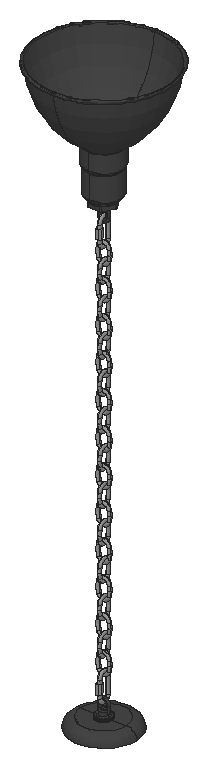
Revit family "BLE-CN-DBW-E26", category Lighting Fixtures, host Face, Revit 2022
Family settings
  Host = Face
  Round Connector Dimension = Use Diameter
  Part Type = Normal
  Cut with Voids When Loaded = No
  Light Source = Yes
  Maintain Annotation Orientation = No
  Shared = No
  Room Calculation Point = No
Parameters (values of type "10"")
  Wattage = 5.72229 W
  built-in parameter 1150110 = 1 (stored number, unit not read)
  built-in parameter 1114217 = 1 (stored number, unit not read)
  Tilt Angle = 0.00°
  built-in parameter 1150109 = 1 (stored number, unit not read)
  built-in parameter 1150134 = (empty or 0)
  built-in parameter 1150113 = 1 (stored number, unit not read)
  Photometric Web File = "generic"
  built-in parameter 1150142 = (empty or 0)
  built-in parameter 1150105 = 67.641 (stored number, unit not read)
  Lumens = 850 lm
  built-in parameter 1150115 = 1 (stored number, unit not read)
  Link Number = (Chain Drop Length - 0' 8") / 0' 2 37/64"  # 11
  Light Source = 0' - 4 3/4"
  built-in parameter 1150137 = (empty or 0)
  built-in parameter 1150139 = (empty or 0)
  built-in parameter 1150112 = 1 (stored number, unit not read)
  built-in parameter 1150114 = 1 (stored number, unit not read)
  built-in parameter 1150132 = 2
  built-in parameter 1150102 = (empty or 0)
  built-in parameter 1150107 = 3000 (stored number, unit not read)
  built-in parameter 1150138 = (empty or 0)
  built-in parameter 1150106 = 0.67641 (stored number, unit not read)
  Emit from Line Length = 2' - 0"
  built-in parameter 1150104 = 13.8 (stored number, unit not read)
  Dimming Lamp Color Temperature Shift = <None>
  Color Filter = 16777215
  Chain Material = Copper
  Shade Material = 100 - Black
  Default Elevation = 4' - 0"
  Chain Drop Length = 3' - 0"
  Base Material = 100 - Black
  built-in parameter 1114218 = 1 (stored number, unit not read)
  built-in parameter 1150133 = 10 (stored number, unit not read)
  Actual Chain Drop = round(Chain Drop Length / 0' 2 9/16") * 0' 2 9/16"  # 2' - 11 7/8"
  24" = no
  20" = no
  16" = no
  14" = no
  12" = no
  10" = yes
Reference planes (in)
  plane 1 "Center (Front/Back)": y = 0
  plane 2: z = 0
  plane 3 "Center (Left/Right)": x = 0
Lines and regions (in)
  reference lines
    curve 1: line (0, 37, 0) -> (0, -38, 0)
    curve 2: line (-36, 0, 0) -> (32, 0, 0)
    curve 3: line (0, 1.00135, 35.875) -> (0, -5.24865, 35.875)
    curve 4: line (0, 1.00135, 34.00663) -> (0, -0.99865, 34.00663)
    curve 5: line (0, 1.00135, 32.50663) -> (0, -1.37036, 32.50663)
Dimensions and locks (in)
  equal spacing: group 1, group 2, group 3, group 4, group 5, group 6, group 7, group 8, group 9, group 10, group 11  (x3)
  "Actual Chain Drop": host face to curve 3
  locked: curve 5 to curve 4 at 1.5
  "Light Source": curve 3 to imposter light
  aligned and locked: plane 2 to host face
  aligned and locked: level to host face
  aligned and locked: plane 3 "Center (Left/Right)" to nested 1
  aligned and locked: plane 1 "Center (Front/Back)" to nested 1
  aligned and locked: plane 3 "Center (Left/Right)" to nested 2
  aligned and locked: nested 2 to plane 1 "Center (Front/Back)"
  aligned and locked: nested 3 to plane 1 "Center (Front/Back)"
  aligned and locked: nested 3 to plane 3 "Center (Left/Right)"
  aligned and locked: plane 3 "Center (Left/Right)" to nested 4
  aligned and locked: plane 1 "Center (Front/Back)" to nested 5
  aligned and locked: plane 1 "Center (Front/Back)" to nested 6
  aligned and locked: nested 5 to plane 3 "Center (Left/Right)"
  aligned and locked: nested 6 to plane 3 "Center (Left/Right)"
  aligned and locked: plane 1 "Center (Front/Back)" to nested 7
  aligned and locked: plane 3 "Center (Left/Right)" to nested 7
  aligned and locked: nested 8 to plane 3 "Center (Left/Right)"
  aligned and locked: plane 1 "Center (Front/Back)" to nested 8
  aligned and locked: plane 1 "Center (Front/Back)" to nested 9
  aligned and locked: plane 3 "Center (Left/Right)" to nested 9
  aligned and locked: plane 1 "Center (Front/Back)" to curve 2
  aligned and locked: curve 1 to plane 3 "Center (Left/Right)"
  aligned and locked: imposter light to plane 1 "Center (Front/Back)"
  aligned and locked: plane 3 "Center (Left/Right)" to imposter light
  aligned and locked: nested 5 to curve 4
  aligned and locked: nested 9 to curve 5
  aligned and locked: imposter light to nested 4
  aligned and locked: nested 20 to imposter light
  aligned and locked: nested 33 to imposter light  (x2)
Automatic sketch dimensions
  host sketch curve to host sketch curve = 8' - 0"  (x2)
  curve 2 to plane 3 "Center (Left/Right)" = 3' - 0"
  plane 3 "Center (Left/Right)" to curve 2 = 2' - 8"
  plane 1 "Center (Front/Back)" to curve 1 = 3' - 2"
  curve 1 to plane 1 "Center (Front/Back)" = 3' - 1"
  plane 1 "Center (Front/Back)" to curve 3 = 0' - 5.24865"
  plane 1 "Center (Front/Back)" to curve 5 = 0' - 1.37036"
  plane 1 "Center (Front/Back)" to curve 4 = 0' - 0.99865"
  curve 5 to plane 1 "Center (Front/Back)" = 0' - 1.00135"
  curve 4 to plane 1 "Center (Front/Back)" = 0' - 1.00135"
  curve 3 to plane 1 "Center (Front/Back)" = 0' - 1.00135"
  curve 4 to curve 3 = 0' - 1.86837"
Nested families (in)
  nested 1: "CAN-2501" at (0, 0, 0), type "CAN-2501"
  nested 2: "LOP-7525-A" at (0, 0, 0.75) x (0, 1, 0) z (0, 0, 1), type "BUS-2501"
    with Default Elevation 2' - 0"
  nested 3: "LOP-7525-B" at (0, 0, 0.875) x (-1, 0, 0) z (0, 0, 1), type "LOP-7525-B"
  nested 4: "LOP-7525-B" at (0, 0, 35.875) x (1, 0, 0) z (0, 0, -1), type "LOP-7525-B"
  nested 5: "SUP-0004 Adaptive" at (0, 0, 34.00663) x (0, -1, 0) z (0, 0, 1), type "SUP-0004 Adaptive"
  nested 6: "SUP-0004 Adaptive" at (0, 0, 2.85593) x (0, -1, 0) z (0, 0, 1), type "SUP-0004 Adaptive"
  nested 7: "SCCL Adaptive" at (0, 0, 4.43103), type "SCCL Adaptive"
  nested 8: "SCCL Adaptive" at (0, 0, 5.71123) x (0, -1, 0) z (0, 0, 1), type "SCCL Adaptive"
  nested 9: "SCCL Adaptive" at (0, 0, 32.50663), type "SCCL Adaptive"
  nested 10: "SCCL Adaptive" at (0, 0, 6.98805), type "SCCL Adaptive"
  nested 11: "SCCL Adaptive" at (0, 0, 8.26825) x (0, -1, 0) z (0, 0, 1), type "SCCL Adaptive"
  nested 12: "SCCL Adaptive" at (0, 0, 9.54507), type "SCCL Adaptive"
  nested 13: "SCCL Adaptive" at (0, 0, 10.82527) x (0, -1, 0) z (0, 0, 1), type "SCCL Adaptive"
  nested 14: "SCCL Adaptive" at (0, 0, 12.10209), type "SCCL Adaptive"
  nested 15: "SCCL Adaptive" at (0, 0, 13.38229) x (0, -1, 0) z (0, 0, 1), type "SCCL Adaptive"
  nested 16: "SCCL Adaptive" at (0, 0, 14.65911), type "SCCL Adaptive"
  nested 17: "SCCL Adaptive" at (0, 0, 15.93931) x (0, -1, 0) z (0, 0, 1), type "SCCL Adaptive"
  nested 18: "SCCL Adaptive" at (0, 0, 17.21613), type "SCCL Adaptive"
  nested 19: "SCCL Adaptive" at (0, 0, 18.49633) x (0, -1, 0) z (0, 0, 1), type "SCCL Adaptive"
  nested 20: "CPL-0004" at (0, -0.03668, 35.875) x (-1, 0, 0) z (0, 0, 1), type "CPL-0004"
  nested 21: "E26 Socket Assy" at (0, -0.03668, 36.56424) x (0, 1, 0) z (0, 0, 1), type "E26 Socket Assy"
  nested 22: "E26 Bulb" at (0, -0.07062, 38.81923) x (-1, 0, 0) z (0, 0, 1), type "E26 Bulb"
  nested 23: "SCCL Adaptive" at (0, 0, 19.77315), type "SCCL Adaptive"
  nested 24: "SCCL Adaptive" at (0, 0, 21.05335) x (0, -1, 0) z (0, 0, 1), type "SCCL Adaptive"
  nested 25: "SCCL Adaptive" at (0, 0, 22.33017), type "SCCL Adaptive"
  nested 26: "SCCL Adaptive" at (0, 0, 23.61037) x (0, -1, 0) z (0, 0, 1), type "SCCL Adaptive"
  nested 27: "SCCL Adaptive" at (0, 0, 24.88719), type "SCCL Adaptive"
  nested 28: "SCCL Adaptive" at (0, 0, 26.16739) x (0, -1, 0) z (0, 0, 1), type "SCCL Adaptive"
  nested 29: "SCCL Adaptive" at (0, 0, 27.44421), type "SCCL Adaptive"
  nested 30: "SCCL Adaptive" at (0, 0, 28.72441) x (0, -1, 0) z (0, 0, 1), type "SCCL Adaptive"
  nested 31: "SCCL Adaptive" at (0, 0, 30.00123), type "SCCL Adaptive"
  nested 32: "SCCL Adaptive" at (0, 0, 31.28143) x (0, -1, 0) z (0, 0, 1), type "SCCL Adaptive"
  nested 33: "DBW Shade" at (0, 0, 36.52518) x (0, -1, 0) z (0, 0, 1), type "DBW Shade"
    with 24" no, 20" no, 16" no, 14" no, 12" no
Connectors (in)
  electrical at (0, 0, 0)
    settings: index 1, voltage 0 V, apparent load 0 VA, apparent load phase1 0 VA, apparent load phase2 0 VA, apparent load phase3 0 VA, power factor 1, load classification "Other", number of poles 1, system type 31, power factor state 1, is connector primary yes, connector utility no, sub classification motor no, connector description ""
Definition of nested family "CAN-2501"
  Parameters (values of type "Base")
    Default Elevation = 3' - 0"
    Base Material = none
  Reference planes (in)
    plane 1 "Center (Front/Back)": y = 0
    plane 2: z = 0
    plane 3 "Center (Left/Right)": x = 0
    plane 4 "Base Dia": x = -2.5
    plane 5 "Base Height": z = 0.75
  Forms (in)
    Extrusion 1, solid
      sketch origin (0, 0, 0) x (1, 0, 0) y (0, 1, 0)
        loop
          line (-48, 48) -> (-48, -48) -> (48, -48) -> (48, 48) -> (-48, 48)
      from 0 to -12
    Revolve 2, solid, material <- "Base Material"
      sketch origin (0, 0, 0) x (1, 0, 0) y (0, 0, 1)
        loop
          line (0, 0) -> (0, 0.75) -> (-1.75, 0.75)
          arc (-1.75, 0.75) -> (-2.28033, 0.53033) -> (-2.5, 0) r 0.75
          line (-2.5, 0) -> (0, 0)
        axis (0, 0) -> (0, 0.75)
      angle from 0 to 360
  Dimensions and locks (in)
    plane 4 "Base Dia" to plane 3 "Center (Left/Right)" = 0' - 2 1/2"
    locked: plane 5 "Base Height" to Extrusion 1 at 0.75
    locked: plane 3 "Center (Left/Right)" to plane 4 "Base Dia" at 2.5
    aligned and locked: plane 2 to Extrusion 1
    aligned and locked: level to Extrusion 1
    aligned and locked: plane 3 "Center (Left/Right)" to Revolve 2 sketch curve
    aligned and locked: Revolve 2 sketch curve to plane 5 "Base Height"
    aligned and locked: plane 4 "Base Dia" to Revolve 2 sketch curve
  Automatic sketch dimensions
    Extrusion 1 sketch curve to Extrusion 1 sketch curve = 8' - 0"  (x2)
    Revolve 2 sketch curve to level = 0' - 0"  (x2)
    Revolve 2 sketch curve to plane 3 "Center (Left/Right)" = 0' - 0"
    Revolve 2 sketch curve to Revolve 2 sketch curve = 0' - 0 1/4"
    plane 5 "Base Height" to Revolve 2 sketch curve = 0' - 3.31619"
Definition of nested family "LOP-7525-A"
  Parameters (values of type "LOP-7525-A")
    Default Elevation = 3' - 0"
    Base Material = none
  Reference planes (in)
    plane 1 "Center (Front/Back)": y = 0
    plane 2: z = 0
    plane 3 "Center (Left/Right)": x = 0
    plane 4: x = -0.625
    plane 5: z = 0.125
  Forms (in)
    Extrusion 1, solid
      sketch origin (0, 0, 0) x (1, 0, 0) y (0, 1, 0)
        loop
          line (-48, 48) -> (-48, -48) -> (48, -48) -> (48, 48) -> (-48, 48)
      from 0 to -12
    Revolve 2, solid, material <- "Base Material"
      sketch origin (0, 0, 0) x (1, 0, 0) y (0, 0, 1)
        loop
          line (0, 0.125) -> (-0.625, 0.125) -> (-0.625, 0) -> (0, 0) -> (0, 0.125)
        axis (0, 0.125) -> (0, 0)
      angle from 0 to 360
    Extrusion 3, void
      sketch origin (0, 0, 0) x (1, 0, 0) y (0, 1, 0)
        loop
          line (0, 0.6092) -> (0.0358, 0.645) -> (-0.0358, 0.645) -> (0, 0.6092)
      from 0 to 0.125
    Extrusion 4, void
      sketch origin (0, 0, 0) x (0.995974, -0.089639, 0) y (0.089639, 0.995974, 0)
        loop
          line (0, 0.6092) -> (0.0358, 0.645) -> (-0.0358, 0.645) -> (0, 0.6092)
      from 0 to 0.125
    Extrusion 5, void
      sketch origin (0, 0, 0) x (0.98393, -0.178557, 0) y (0.178557, 0.98393, 0)
        loop
          line (0, 0.6092) -> (0.0358, 0.645) -> (-0.0358, 0.645) -> (0, 0.6092)
      from 0 to 0.125
    Extrusion 6, void
      sketch origin (0, 0, 0) x (0.963963, -0.266037, 0) y (0.266037, 0.963963, 0)
        loop
          line (0, 0.6092) -> (0.0358, 0.645) -> (-0.0358, 0.645) -> (0, 0.6092)
      from 0 to 0.125
    Extrusion 7, void
      sketch origin (0, 0, 0) x (0.936235, -0.351375, 0) y (0.351375, 0.936235, 0)
        loop
          line (0, 0.6092) -> (0.0358, 0.645) -> (-0.0358, 0.645) -> (0, 0.6092)
      from 0 to 0.125
    Extrusion 8, void
      sketch origin (0, 0, 0) x (0.900969, -0.433884, 0) y (0.433884, 0.900969, 0)
        loop
          line (0, 0.6092) -> (0.0358, 0.645) -> (-0.0358, 0.645) -> (0, 0.6092)
      from 0 to 0.125
    Extrusion 9, void
      sketch origin (0, 0, 0) x (0.858449, -0.512899, 0) y (0.512899, 0.858449, 0)
        loop
          line (0, 0.6092) -> (0.0358, 0.645) -> (-0.0358, 0.645) -> (0, 0.6092)
      from 0 to 0.125
    Extrusion 10, void
      sketch origin (0, 0, 0) x (0.809017, -0.587785, 0) y (0.587785, 0.809017, 0)
        loop
          line (0, 0.6092) -> (0.0358, 0.645) -> (-0.0358, 0.645) -> (0, 0.6092)
      from 0 to 0.125
    Extrusion 11, void
      sketch origin (0, 0, 0) x (0.753071, -0.657939, 0) y (0.657939, 0.753071, 0)
        loop
          line (0, 0.6092) -> (0.0358, 0.645) -> (-0.0358, 0.645) -> (0, 0.6092)
      from 0 to 0.125
    Extrusion 12, void
      sketch origin (0, 0, 0) x (0.691063, -0.722795, 0) y (0.722795, 0.691063, 0)
        loop
          line (0, 0.6092) -> (0.0358, 0.645) -> (-0.0358, 0.645) -> (0, 0.6092)
      from 0 to 0.125
    Extrusion 13, void
      sketch origin (0, 0, 0) x (0.62349, -0.781831, 0) y (0.781831, 0.62349, 0)
        loop
          line (0, 0.6092) -> (0.0358, 0.645) -> (-0.0358, 0.645) -> (0, 0.6092)
      from 0 to 0.125
    Extrusion 14, void
      sketch origin (0, 0, 0) x (0.550897, -0.834573, 0) y (0.834573, 0.550897, 0)
        loop
          line (0, 0.6092) -> (0.0358, 0.645) -> (-0.0358, 0.645) -> (0, 0.6092)
      from 0 to 0.125
    Extrusion 15, void
      sketch origin (0, 0, 0) x (0.473869, -0.880596, 0) y (0.880596, 0.473869, 0)
        loop
          line (0, 0.6092) -> (0.0358, 0.645) -> (-0.0358, 0.645) -> (0, 0.6092)
      from 0 to 0.125
    Extrusion 16, void
      sketch origin (0, 0, 0) x (0.393025, -0.919528, 0) y (0.919528, 0.393025, 0)
        loop
          line (0, 0.6092) -> (0.0358, 0.645) -> (-0.0358, 0.645) -> (0, 0.6092)
      from 0 to 0.125
    Extrusion 17, void
      sketch origin (0, 0, 0) x (0.309017, -0.951057, 0) y (0.951057, 0.309017, 0)
        loop
          line (0, 0.6092) -> (0.0358, 0.645) -> (-0.0358, 0.645) -> (0, 0.6092)
      from 0 to 0.125
    Extrusion 18, void
      sketch origin (0, 0, 0) x (0.222521, -0.974928, 0) y (0.974928, 0.222521, 0)
        loop
          line (0, 0.6092) -> (0.0358, 0.645) -> (-0.0358, 0.645) -> (0, 0.6092)
      from 0 to 0.125
    Extrusion 19, void
      sketch origin (0, 0, 0) x (0.134233, -0.99095, 0) y (0.99095, 0.134233, 0)
        loop
          line (0, 0.6092) -> (0.0358, 0.645) -> (-0.0358, 0.645) -> (0, 0.6092)
      from 0 to 0.125
    Extrusion 20, void
      sketch origin (0, 0, 0) x (0.044865, -0.998993, 0) y (0.998993, 0.044865, 0)
        loop
          line (0, 0.6092) -> (0.0358, 0.645) -> (-0.0358, 0.645) -> (0, 0.6092)
      from 0 to 0.125
    Extrusion 21, void
      sketch origin (0, 0, 0) x (-0.044865, -0.998993, 0) y (0.998993, -0.044865, 0)
        loop
          line (0, 0.6092) -> (0.0358, 0.645) -> (-0.0358, 0.645) -> (0, 0.6092)
      from 0 to 0.125
    Extrusion 22, void
      sketch origin (0, 0, 0) x (-0.134233, -0.99095, 0) y (0.99095, -0.134233, 0)
        loop
          line (0, 0.6092) -> (0.0358, 0.645) -> (-0.0358, 0.645) -> (0, 0.6092)
      from 0 to 0.125
    Extrusion 23, void
      sketch origin (0, 0, 0) x (-0.222521, -0.974928, 0) y (0.974928, -0.222521, 0)
        loop
          line (0, 0.6092) -> (0.0358, 0.645) -> (-0.0358, 0.645) -> (0, 0.6092)
      from 0 to 0.125
    Extrusion 24, void
      sketch origin (0, 0, 0) x (-0.309017, -0.951057, 0) y (0.951057, -0.309017, 0)
        loop
          line (0, 0.6092) -> (0.0358, 0.645) -> (-0.0358, 0.645) -> (0, 0.6092)
      from 0 to 0.125
    Extrusion 25, void
      sketch origin (0, 0, 0) x (-0.393025, -0.919528, 0) y (0.919528, -0.393025, 0)
        loop
          line (0, 0.6092) -> (0.0358, 0.645) -> (-0.0358, 0.645) -> (0, 0.6092)
      from 0 to 0.125
    Extrusion 26, void
      sketch origin (0, 0, 0) x (-0.473869, -0.880596, 0) y (0.880596, -0.473869, 0)
        loop
          line (0, 0.6092) -> (0.0358, 0.645) -> (-0.0358, 0.645) -> (0, 0.6092)
      from 0 to 0.125
    Extrusion 27, void
      sketch origin (0, 0, 0) x (-0.550897, -0.834573, 0) y (0.834573, -0.550897, 0)
        loop
          line (0, 0.6092) -> (0.0358, 0.645) -> (-0.0358, 0.645) -> (0, 0.6092)
      from 0 to 0.125
    Extrusion 28, void
      sketch origin (0, 0, 0) x (-0.62349, -0.781831, 0) y (0.781831, -0.62349, 0)
        loop
          line (0, 0.6092) -> (0.0358, 0.645) -> (-0.0358, 0.645) -> (0, 0.6092)
      from 0 to 0.125
    Extrusion 29, void
      sketch origin (0, 0, 0) x (-0.691063, -0.722795, 0) y (0.722795, -0.691063, 0)
        loop
          line (0, 0.6092) -> (0.0358, 0.645) -> (-0.0358, 0.645) -> (0, 0.6092)
      from 0 to 0.125
    Extrusion 30, void
      sketch origin (0, 0, 0) x (-0.753071, -0.657939, 0) y (0.657939, -0.753071, 0)
        loop
          line (0, 0.6092) -> (0.0358, 0.645) -> (-0.0358, 0.645) -> (0, 0.6092)
      from 0 to 0.125
    Extrusion 31, void
      sketch origin (0, 0, 0) x (-0.809017, -0.587785, 0) y (0.587785, -0.809017, 0)
        loop
          line (0, 0.6092) -> (0.0358, 0.645) -> (-0.0358, 0.645) -> (0, 0.6092)
      from 0 to 0.125
    Extrusion 32, void
      sketch origin (0, 0, 0) x (-0.858449, -0.512899, 0) y (0.512899, -0.858449, 0)
        loop
          line (0, 0.6092) -> (0.0358, 0.645) -> (-0.0358, 0.645) -> (0, 0.6092)
      from 0 to 0.125
    Extrusion 33, void
      sketch origin (0, 0, 0) x (-0.900969, -0.433884, 0) y (0.433884, -0.900969, 0)
        loop
          line (0, 0.6092) -> (0.0358, 0.645) -> (-0.0358, 0.645) -> (0, 0.6092)
      from 0 to 0.125
    Extrusion 34, void
      sketch origin (0, 0, 0) x (-0.936235, -0.351375, 0) y (0.351375, -0.936235, 0)
        loop
          line (0, 0.6092) -> (0.0358, 0.645) -> (-0.0358, 0.645) -> (0, 0.6092)
      from 0 to 0.125
    Extrusion 35, void
      sketch origin (0, 0, 0) x (-0.963963, -0.266037, 0) y (0.266037, -0.963963, 0)
        loop
          line (0, 0.6092) -> (0.0358, 0.645) -> (-0.0358, 0.645) -> (0, 0.6092)
      from 0 to 0.125
    Extrusion 36, void
      sketch origin (0, 0, 0) x (-0.98393, -0.178557, 0) y (0.178557, -0.98393, 0)
        loop
          line (0, 0.6092) -> (0.0358, 0.645) -> (-0.0358, 0.645) -> (0, 0.6092)
      from 0 to 0.125
    Extrusion 37, void
      sketch origin (0, 0, 0) x (-0.995974, -0.089639, 0) y (0.089639, -0.995974, 0)
        loop
          line (0, 0.6092) -> (0.0358, 0.645) -> (-0.0358, 0.645) -> (0, 0.6092)
      from 0 to 0.125
    Extrusion 38, void
      sketch origin (0, 0, 0) x (-1, 0, 0) y (0, -1, 0)
        loop
          line (0, 0.6092) -> (0.0358, 0.645) -> (-0.0358, 0.645) -> (0, 0.6092)
      from 0 to 0.125
    Extrusion 39, void
      sketch origin (0, 0, 0) x (-0.995974, 0.089639, 0) y (-0.089639, -0.995974, 0)
        loop
          line (0, 0.6092) -> (0.0358, 0.645) -> (-0.0358, 0.645) -> (0, 0.6092)
      from 0 to 0.125
    Extrusion 40, void
      sketch origin (0, 0, 0) x (-0.98393, 0.178557, 0) y (-0.178557, -0.98393, 0)
        loop
          line (0, 0.6092) -> (0.0358, 0.645) -> (-0.0358, 0.645) -> (0, 0.6092)
      from 0 to 0.125
    Extrusion 41, void
      sketch origin (0, 0, 0) x (-0.963963, 0.266037, 0) y (-0.266037, -0.963963, 0)
        loop
          line (0, 0.6092) -> (0.0358, 0.645) -> (-0.0358, 0.645) -> (0, 0.6092)
      from 0 to 0.125
    Extrusion 42, void
      sketch origin (0, 0, 0) x (-0.936235, 0.351375, 0) y (-0.351375, -0.936235, 0)
        loop
          line (0, 0.6092) -> (0.0358, 0.645) -> (-0.0358, 0.645) -> (0, 0.6092)
      from 0 to 0.125
    Extrusion 43, void
      sketch origin (0, 0, 0) x (-0.900969, 0.433884, 0) y (-0.433884, -0.900969, 0)
        loop
          line (0, 0.6092) -> (0.0358, 0.645) -> (-0.0358, 0.645) -> (0, 0.6092)
      from 0 to 0.125
    Extrusion 44, void
      sketch origin (0, 0, 0) x (-0.858449, 0.512899, 0) y (-0.512899, -0.858449, 0)
        loop
          line (0, 0.6092) -> (0.0358, 0.645) -> (-0.0358, 0.645) -> (0, 0.6092)
      from 0 to 0.125
    Extrusion 45, void
      sketch origin (0, 0, 0) x (-0.809017, 0.587785, 0) y (-0.587785, -0.809017, 0)
        loop
          line (0, 0.6092) -> (0.0358, 0.645) -> (-0.0358, 0.645) -> (0, 0.6092)
      from 0 to 0.125
    Extrusion 46, void
      sketch origin (0, 0, 0) x (-0.753071, 0.657939, 0) y (-0.657939, -0.753071, 0)
        loop
          line (0, 0.6092) -> (0.0358, 0.645) -> (-0.0358, 0.645) -> (0, 0.6092)
      from 0 to 0.125
    Extrusion 47, void
      sketch origin (0, 0, 0) x (-0.691063, 0.722795, 0) y (-0.722795, -0.691063, 0)
        loop
          line (0, 0.6092) -> (0.0358, 0.645) -> (-0.0358, 0.645) -> (0, 0.6092)
      from 0 to 0.125
    Extrusion 48, void
      sketch origin (0, 0, 0) x (-0.62349, 0.781831, 0) y (-0.781831, -0.62349, 0)
        loop
          line (0, 0.6092) -> (0.0358, 0.645) -> (-0.0358, 0.645) -> (0, 0.6092)
      from 0 to 0.125
    Extrusion 49, void
      sketch origin (0, 0, 0) x (-0.550897, 0.834573, 0) y (-0.834573, -0.550897, 0)
        loop
          line (0, 0.6092) -> (0.0358, 0.645) -> (-0.0358, 0.645) -> (0, 0.6092)
      from 0 to 0.125
    Extrusion 50, void
      sketch origin (0, 0, 0) x (-0.473869, 0.880596, 0) y (-0.880596, -0.473869, 0)
        loop
          line (0, 0.6092) -> (0.0358, 0.645) -> (-0.0358, 0.645) -> (0, 0.6092)
      from 0 to 0.125
    Extrusion 51, void
      sketch origin (0, 0, 0) x (-0.393025, 0.919528, 0) y (-0.919528, -0.393025, 0)
        loop
          line (0, 0.6092) -> (0.0358, 0.645) -> (-0.0358, 0.645) -> (0, 0.6092)
      from 0 to 0.125
    Extrusion 52, void
      sketch origin (0, 0, 0) x (-0.309017, 0.951057, 0) y (-0.951057, -0.309017, 0)
        loop
          line (0, 0.6092) -> (0.0358, 0.645) -> (-0.0358, 0.645) -> (0, 0.6092)
      from 0 to 0.125
    Extrusion 53, void
      sketch origin (0, 0, 0) x (-0.222521, 0.974928, 0) y (-0.974928, -0.222521, 0)
        loop
          line (0, 0.6092) -> (0.0358, 0.645) -> (-0.0358, 0.645) -> (0, 0.6092)
      from 0 to 0.125
    Extrusion 54, void
      sketch origin (0, 0, 0) x (-0.134233, 0.99095, 0) y (-0.99095, -0.134233, 0)
        loop
          line (0, 0.6092) -> (0.0358, 0.645) -> (-0.0358, 0.645) -> (0, 0.6092)
      from 0 to 0.125
    Extrusion 55, void
      sketch origin (0, 0, 0) x (-0.044865, 0.998993, 0) y (-0.998993, -0.044865, 0)
        loop
          line (0, 0.6092) -> (0.0358, 0.645) -> (-0.0358, 0.645) -> (0, 0.6092)
      from 0 to 0.125
    Extrusion 56, void
      sketch origin (0, 0, 0) x (0.044865, 0.998993, 0) y (-0.998993, 0.044865, 0)
        loop
          line (0, 0.6092) -> (0.0358, 0.645) -> (-0.0358, 0.645) -> (0, 0.6092)
      from 0 to 0.125
    Extrusion 57, void
      sketch origin (0, 0, 0) x (0.134233, 0.99095, 0) y (-0.99095, 0.134233, 0)
        loop
          line (0, 0.6092) -> (0.0358, 0.645) -> (-0.0358, 0.645) -> (0, 0.6092)
      from 0 to 0.125
    Extrusion 58, void
      sketch origin (0, 0, 0) x (0.222521, 0.974928, 0) y (-0.974928, 0.222521, 0)
        loop
          line (0, 0.6092) -> (0.0358, 0.645) -> (-0.0358, 0.645) -> (0, 0.6092)
      from 0 to 0.125
    Extrusion 59, void
      sketch origin (0, 0, 0) x (0.309017, 0.951057, 0) y (-0.951057, 0.309017, 0)
        loop
          line (0, 0.6092) -> (0.0358, 0.645) -> (-0.0358, 0.645) -> (0, 0.6092)
      from 0 to 0.125
    Extrusion 60, void
      sketch origin (0, 0, 0) x (0.393025, 0.919528, 0) y (-0.919528, 0.393025, 0)
        loop
          line (0, 0.6092) -> (0.0358, 0.645) -> (-0.0358, 0.645) -> (0, 0.6092)
      from 0 to 0.125
    Extrusion 61, void
      sketch origin (0, 0, 0) x (0.473869, 0.880596, 0) y (-0.880596, 0.473869, 0)
        loop
          line (0, 0.6092) -> (0.0358, 0.645) -> (-0.0358, 0.645) -> (0, 0.6092)
      from 0 to 0.125
    Extrusion 62, void
      sketch origin (0, 0, 0) x (0.550897, 0.834573, 0) y (-0.834573, 0.550897, 0)
        loop
          line (0, 0.6092) -> (0.0358, 0.645) -> (-0.0358, 0.645) -> (0, 0.6092)
      from 0 to 0.125
    Extrusion 63, void
      sketch origin (0, 0, 0) x (0.62349, 0.781831, 0) y (-0.781831, 0.62349, 0)
        loop
          line (0, 0.6092) -> (0.0358, 0.645) -> (-0.0358, 0.645) -> (0, 0.6092)
      from 0 to 0.125
    Extrusion 64, void
      sketch origin (0, 0, 0) x (0.691063, 0.722795, 0) y (-0.722795, 0.691063, 0)
        loop
          line (0, 0.6092) -> (0.0358, 0.645) -> (-0.0358, 0.645) -> (0, 0.6092)
      from 0 to 0.125
    Extrusion 65, void
      sketch origin (0, 0, 0) x (0.753071, 0.657939, 0) y (-0.657939, 0.753071, 0)
        loop
          line (0, 0.6092) -> (0.0358, 0.645) -> (-0.0358, 0.645) -> (0, 0.6092)
      from 0 to 0.125
    Extrusion 66, void
      sketch origin (0, 0, 0) x (0.809017, 0.587785, 0) y (-0.587785, 0.809017, 0)
        loop
          line (0, 0.6092) -> (0.0358, 0.645) -> (-0.0358, 0.645) -> (0, 0.6092)
      from 0 to 0.125
    Extrusion 67, void
      sketch origin (0, 0, 0) x (0.858449, 0.512899, 0) y (-0.512899, 0.858449, 0)
        loop
          line (0, 0.6092) -> (0.0358, 0.645) -> (-0.0358, 0.645) -> (0, 0.6092)
      from 0 to 0.125
    Extrusion 68, void
      sketch origin (0, 0, 0) x (0.900969, 0.433884, 0) y (-0.433884, 0.900969, 0)
        loop
          line (0, 0.6092) -> (0.0358, 0.645) -> (-0.0358, 0.645) -> (0, 0.6092)
      from 0 to 0.125
    Extrusion 69, void
      sketch origin (0, 0, 0) x (0.936235, 0.351375, 0) y (-0.351375, 0.936235, 0)
        loop
          line (0, 0.6092) -> (0.0358, 0.645) -> (-0.0358, 0.645) -> (0, 0.6092)
      from 0 to 0.125
    Extrusion 70, void
      sketch origin (0, 0, 0) x (0.963963, 0.266037, 0) y (-0.266037, 0.963963, 0)
        loop
          line (0, 0.6092) -> (0.0358, 0.645) -> (-0.0358, 0.645) -> (0, 0.6092)
      from 0 to 0.125
    Extrusion 71, void
      sketch origin (0, 0, 0) x (0.98393, 0.178557, 0) y (-0.178557, 0.98393, 0)
        loop
          line (0, 0.6092) -> (0.0358, 0.645) -> (-0.0358, 0.645) -> (0, 0.6092)
      from 0 to 0.125
    Extrusion 72, void
      sketch origin (0, 0, 0) x (0.995974, 0.089639, 0) y (-0.089639, 0.995974, 0)
        loop
          line (0, 0.6092) -> (0.0358, 0.645) -> (-0.0358, 0.645) -> (0, 0.6092)
      from 0 to 0.125
  Cuts and joins
    Extrusion 3, Extrusion 4, Extrusion 5, Extrusion 6, Extrusion 7, Extrusion 8, Extrusion 9, Extrusion 10, Extrusion 11, Extrusion 12, Extrusion 13, Extrusion 14, Extrusion 15, Extrusion 16, Extrusion 17, Extrusion 18, Extrusion 19, Extrusion 20, Extrusion 21, Extrusion 22, Extrusion 23, Extrusion 24, Extrusion 25, Extrusion 26, Extrusion 27, Extrusion 28, Extrusion 29, Extrusion 30, Extrusion 31, Extrusion 32, Extrusion 33, Extrusion 34, Extrusion 35, Extrusion 36, Extrusion 37, Extrusion 38, Extrusion 39, Extrusion 40, Extrusion 41, Extrusion 42, Extrusion 43, Extrusion 44, Extrusion 45, Extrusion 46, Extrusion 47, Extrusion 48, Extrusion 49, Extrusion 50, Extrusion 51, Extrusion 52, Extrusion 53, Extrusion 54, Extrusion 55, Extrusion 56, Extrusion 57, Extrusion 58, Extrusion 59, Extrusion 60, Extrusion 61, Extrusion 62, Extrusion 63, Extrusion 64, Extrusion 65, Extrusion 66, Extrusion 67, Extrusion 68, Extrusion 69, Extrusion 70, Extrusion 71, Extrusion 72 cuts Revolve 2
  Dimensions and locks (in)
    plane 3 "Center (Left/Right)" to plane 4 = 0' - 0 5/8"
    locked: plane 5 to Extrusion 1 at 0.125
    aligned and locked: plane 2 to Extrusion 1
    aligned and locked: level to Extrusion 1
    aligned and locked: plane 5 to Revolve 2 sketch curve
    aligned and locked: Revolve 2 sketch curve to plane 4
    aligned and locked: Extrusion 3 to level
    aligned and locked: plane 5 to Extrusion 3
Definition of nested family "LOP-7525-B"
  Parameters (values of type "LOP-7525-B")
    Default Elevation = 3' - 0"
    Base Material = none
  Reference planes (in)
    plane 1 "Center (Front/Back)": y = 0
    plane 2: z = 0
    plane 3 "Center (Left/Right)": x = 0
    plane 4: x = -0.15625
    plane 5: x = 0.15625
    plane 6: y = 0.09082
  Forms (in)
    Extrusion 1, solid
      sketch origin (0, 0, 0) x (1, 0, 0) y (0, 1, 0)
        loop
          line (-48, 48) -> (-48, -48) -> (48, -48) -> (48, 48) -> (-48, 48)
      from 0 to -12
    Revolve 2, solid, material <- "Base Material"
      sketch origin (0, 0, 0) x (1, 0, 0) y (0, 0, 1)
        loop
          line (0, 0) -> (0, 0.44242) -> (-0.26539, 0.44242)
          arc (-0.26539, 0.44242) -> (-0.29878, 0.42858) -> (-0.31261, 0.39519) r 0.04722
          line (-0.31261, 0.39519) -> (-0.31261, 0.10007)
          arc (-0.31261, 0.10007) -> (-0.34173, 0.0295) -> (-0.41214, 0) r 0.10008
          line (-0.41214, 0) -> (0, 0)
        axis (0, 0.44242) -> (0, 0)
      angle from 0 to 360
    Sweep 3, solid, material <- "Base Material"
      path origin (0, 0, 0) x (1, 0, 0) y (0, 0, 1)
        loop
          line (-0.34883, 0.29163) -> (-0.34883, 0.83214)
          arc (-0.34883, 0.83214) -> (-0.00382, 1.17714) -> (0.34119, 0.83214) r 0.34501
          line (0.34119, 0.83214) -> (0.34119, 0.29163)
      profile origin (-0.34883, 0, 0.56188) x (-1, 0, 0) y (0, -1, 0)
        loop
          arc (0.01825, -0.09109) -> (0.10961, 0.00026) -> (0.01825, 0.09162) r 0.09136
          line (0.01825, 0.09162) -> (-0.03501, 0.09162)
          arc (-0.03501, 0.09162) -> (-0.12637, 0.00026) -> (-0.03501, -0.09109) r 0.09136
          line (-0.03501, -0.09109) -> (0.01825, -0.09109)
  Cuts and joins
    joined: Revolve 2, Sweep 3
  Dimensions and locks (in)
    locked: plane 3 "Center (Left/Right)" to plane 4 at 0.15625
    locked: plane 5 to plane 3 "Center (Left/Right)" at 0.15625
    aligned and locked: plane 2 to Extrusion 1
    aligned and locked: level to Extrusion 1
    aligned and locked: Revolve 2 sketch curve to plane 3 "Center (Left/Right)"
  Automatic sketch dimensions
    Extrusion 1 sketch curve to Extrusion 1 sketch curve = 8' - 0"  (x2)
    Sweep 3 sketch curve to plane 4 = 0' - 0.19258"
    Sweep 3 sketch curve to plane 3 "Center (Left/Right)" = 0' - 0.00382"
    level to Sweep 3 sketch curve = 0' - 0.83214"
    level to Sweep 3 sketch curve = 0' - 0.29163"  (x2)
    profile plane to Sweep 3 sketch curve = 0' - 0.03501"  (x2)
    plane 1 "Center (Front/Back)" to Sweep 3 sketch curve = 0' - 0.00026"
    Sweep 3 sketch curve to profile plane = 0' - 0.01825"
    Sweep 3 sketch curve to plane 1 "Center (Front/Back)" = 0' - 0.09109"
    Revolve 2 sketch curve to level = 0' - 0"
    Revolve 2 sketch curve to plane 3 "Center (Left/Right)" = 0' - 0"
    Revolve 2 sketch curve to plane 4 = 0' - 0.10914"
    Revolve 2 sketch curve to Revolve 2 sketch curve = 0' - 0.04722"
    Revolve 2 sketch curve to Revolve 2 sketch curve = 0' - 0.09953"
    level to Revolve 2 sketch curve = 0' - 0.10007"
    Revolve 2 sketch curve to Revolve 2 sketch curve = 0' - 0.29512"
    Revolve 2 sketch curve to Revolve 2 sketch curve = 0' - 0.18508"
    Revolve 2 sketch curve to Revolve 2 sketch curve = 0' - 0.04394"
Definition of nested family "SUP-0004 Adaptive"
  Parameters (values of type "SUP-0004 Adaptive")
    Gooseneck Material = none
    Default Elevation = 0' - 0"
  Reference planes (in)
    plane 1 "Center (Front/Back)": y = 0
    plane 2: z = 0
    plane 3 "Center (Left/Right)": x = 0
    plane 4: x = -0.415
    plane 5: x = 0.415
    plane 6: z = 1.02
    plane 7: z = -1.02
    plane 8: z = 0.636
    plane 9: z = -0.636
    plane 10: x = 0.59
    plane 11: z = 0.35
    plane 12: z = -0.35
    plane 13: z = 0
  Forms (in)
    Sweep 1, solid, material <- "Gooseneck Material"
      path origin (0, 0, 0) x (1, 0, 0) y (0, 0, 1)
        loop
          line (-0.415, 0.636) -> (-0.415, -0.636)
          arc (-0.415, -0.636) -> (0, -1.051) -> (0.415, -0.636) r 0.415
          line (0.415, -0.636) -> (0.415, 0.636)
          arc (0.415, 0.636) -> (0, 1.051) -> (-0.415, 0.636) r 0.415
      profile origin (0, 0, 1.051) x (0, 0, 1) y (0, -1, 0)
        loop
          circle (0, 0) r 0.115
    Extrusion 2, solid, material <- "Gooseneck Material"
      sketch origin (0, 0, 0) x (1, 0, 0) y (0, 1, 0)
        loop
          line (0.59, 0.10104) -> (0.415, 0.20207) -> (0.24, 0.10104) -> (0.24, -0.10104) -> (0.415, -0.20207) -> (0.59, -0.10104) -> (0.59, 0.10104)
      from -0.35 to 0.35
  Cuts and joins
    joined: Sweep 1, Extrusion 2
  Dimensions and locks (in)
    locked: plane 3 "Center (Left/Right)" to plane 4 at 0.415
    locked: plane 5 to plane 3 "Center (Left/Right)" at 0.415
    locked: plane 6 to level at 1.02
    locked: level to plane 7 at 1.02
    locked: plane 6 to plane 8 at 0.384
    locked: plane 9 to plane 7 at 0.384
    locked: plane 5 to plane 10 at 0.175
    locked: plane 11 to level at 0.35
    locked: level to plane 12 at 0.35
    aligned and locked: plane 2 to level
    aligned and locked: Sweep 1 sketch curve to plane 5
    aligned and locked: Sweep 1 sketch curve to plane 4
    aligned and locked: Extrusion 2 to plane 12
    aligned and locked: plane 11 to Extrusion 2
  Automatic sketch dimensions
    Sweep 1 sketch curve to plane 9 = 0' - 0"
    Sweep 1 sketch curve to plane 8 = 0' - 0"
    Sweep 1 sketch curve to plane 1 "Center (Front/Back)" = 0' - 0"
    profile plane to Sweep 1 sketch curve = 0' - 0"
    radius of Sweep 1 sketch curve = 0' - 0.115"
Definition of nested family "SCCL Adaptive"
  Parameters (values of type "SCCL Adaptive")
    Chain Material = none
    Default Elevation = 0' - 0"
  Reference planes (in)
    plane 1 "Center (Front/Back)": y = 0
    plane 2: z = 0
    plane 3 "Center (Left/Right)": x = 0
    plane 4: z = 0
  Forms (in)
    Sweep 1, solid, material <- "Chain Material"
      path origin (0, 0, 0) x (1, 0, 0) y (0, 0, 1)
        loop
          line (0.44082, -0.02) -> (0.40833, -0.37694)
          arc (0.40833, -0.37694) -> (0.01832, -0.7494) -> (-0.4034, -0.41327) r 0.41003
          arc (-0.4034, -0.41327) -> (-0.44074, 0) -> (-0.4034, 0.41327) r 2.30596
          arc (-0.4034, 0.41327) -> (0.01832, 0.7494) -> (0.40833, 0.37694) r 0.41003
          line (0.40833, 0.37694) -> (0.44082, 0.02)
      profile origin (0.42457, 0, 0.19847) x (0.995885, 0, 0.090629) y (0, -1, 0)
        loop
          circle (0, 0) r 0.1095
  Dimensions and locks (in)
    aligned and locked: plane 2 to level
  Automatic sketch dimensions
    Sweep 1 sketch curve to plane 1 "Center (Front/Back)" = 0' - 0"
    Sweep 1 sketch curve to profile plane = 0' - 0"
    Sweep 1 sketch curve to level = 0' - 0"
    Sweep 1 sketch curve to plane 3 "Center (Left/Right)" = 0' - 0"  (x2)
    Sweep 1 sketch curve to Sweep 1 sketch curve = 0' - 0"  (x3)
    level to Sweep 1 sketch curve = 0' - 0.02"
    Sweep 1 sketch curve to level = 0' - 0.02"
    plane 3 "Center (Left/Right)" to Sweep 1 sketch curve = 0' - 0.40833"  (x2)
    Sweep 1 sketch curve to Sweep 1 sketch curve = 0' - 1.42441"
    Sweep 1 sketch curve to Sweep 1 sketch curve = 0' - 1.45689"
    Sweep 1 sketch curve to level = 0' - 0.33978"
    radius of Sweep 1 sketch curve = 0' - 0.1095"
Definition of nested family "CPL-0004"
  Parameters (values of type "CPL-0004")
    Coupler Material = none
    Default Elevation = 2' - 0"
  Reference planes (in)
    plane 1 "Center (Front/Back)": y = 0
    plane 2: z = 0
    plane 3 "Center (Left/Right)": x = 0
    plane 4 "Wood Height": z = 0
    plane 5: y = 0.875
    plane 6: z = 0.4
  Forms (in)
    Extrusion 1, solid
      sketch origin (0, 0, 0) x (1, 0, 0) y (0, 1, 0)
        loop
          line (-48, 48) -> (-48, -48) -> (48, -48) -> (48, 48) -> (-48, 48)
      from 0 to -12
    Extrusion 2, solid, material <- "Coupler Material"
      sketch origin (0, 0, 0) x (1, 0, 0) y (0, 1, 0)
        loop
          line (-0.54127, 0.8125) -> (-0.97428, 0.0625)
          arc (-0.97428, 0.0625) -> (-0.99103, 0) -> (-0.97428, -0.0625) r 0.125
          line (-0.97428, -0.0625) -> (-0.54127, -0.8125)
          arc (-0.54127, -0.8125) -> (-0.49551, -0.85825) -> (-0.43301, -0.875) r 0.125
          line (-0.43301, -0.875) -> (0.43301, -0.875)
          arc (0.43301, -0.875) -> (0.49551, -0.85825) -> (0.54127, -0.8125) r 0.125
          line (0.54127, -0.8125) -> (0.97428, -0.0625)
          arc (0.97428, -0.0625) -> (0.99103, 0) -> (0.97428, 0.0625) r 0.125
          line (0.97428, 0.0625) -> (0.54127, 0.8125)
          arc (0.54127, 0.8125) -> (0.49551, 0.85825) -> (0.43301, 0.875) r 0.125
          line (0.43301, 0.875) -> (-0.43301, 0.875)
          arc (-0.43301, 0.875) -> (-0.49551, 0.85825) -> (-0.54127, 0.8125) r 0.125
      from 0 to 0.4
    Revolve 3, solid, material <- "Coupler Material"
      sketch origin (0, 0, 0) x (1, 0, 0) y (0, 0, 1)
        loop
          line (0, 0.65018) -> (-1.00921, 0.65018) -> (-1.03665, 0.61971) -> (-1.02973, 0.43008)
          arc (-1.02973, 0.43008) -> (-1.02417, 0.41239) -> (-1.01036, 0.4) r 0.03506
          line (-1.01036, 0.4) -> (0, 0.4) -> (0, 0.65018)
        axis (0, 0.65018) -> (0, 0.4)
      angle from 0 to 360
  Dimensions and locks (in)
    locked: plane 5 to plane 1 "Center (Front/Back)" at 0.875
    locked: plane 6 to Extrusion 1 at 0.4
    aligned and locked: plane 2 to Extrusion 1
    aligned and locked: level to Extrusion 1
    aligned and locked: Extrusion 1 to plane 4 "Wood Height"
    aligned and locked: Revolve 3 sketch curve to plane 3 "Center (Left/Right)"
  Automatic sketch dimensions
    Extrusion 1 sketch curve to Extrusion 1 sketch curve = 8' - 0"  (x2)
    Revolve 3 sketch curve to plane 6 = 0' - 0"
    Revolve 3 sketch curve to plane 3 "Center (Left/Right)" = 0' - 0"
    plane 6 to Revolve 3 sketch curve = 0' - 0.03136"
    Revolve 3 sketch curve to plane 3 "Center (Left/Right)" = 0' - 0.99469"
    plane 6 to Revolve 3 sketch curve = 0' - 0.25018"
    Revolve 3 sketch curve to Revolve 3 sketch curve = 0' - 0.01453"
    Revolve 3 sketch curve to Revolve 3 sketch curve = 0' - 0.01568"
    plane 6 to Revolve 3 sketch curve = 0' - 0.03008"
    plane 6 to Revolve 3 sketch curve = 0' - 0.21971"
    Revolve 3 sketch curve to Revolve 3 sketch curve = 0' - 0.02744"
    Revolve 3 sketch curve to level = 0' - 0.16839"
    Revolve 3 sketch curve to Revolve 3 sketch curve = 0' - 0.1618"
    plane 1 "Center (Front/Back)" to Extrusion 2 sketch curve = 0' - 0"  (x2)
    Extrusion 2 sketch curve to plane 5 = 0' - 0"
    Extrusion 2 sketch curve to plane 1 "Center (Front/Back)" = 0' - 0 1/16"  (x2)
    plane 1 "Center (Front/Back)" to Extrusion 2 sketch curve = 0' - 0 1/16"  (x2)
    Extrusion 2 sketch curve to Extrusion 2 sketch curve = 0' - 0.10825"  (x4)
    Extrusion 2 sketch curve to plane 3 "Center (Left/Right)" = 0' - 0.54127"
    Extrusion 2 sketch curve to plane 5 = 0' - 0 1/16"  (x2)
    plane 3 "Center (Left/Right)" to Extrusion 2 sketch curve = 0' - 0.43301"  (x2)
Definition of nested family "E26 Socket Assy"
  Parameters (values of type "E26 Socket Assy")
    Shade Material = none
    Default Elevation = 2' - 0"
  Reference planes (in)
    plane 1 "Center (Front/Back)": y = 0
    plane 2: z = 0
    plane 3 "Center (Left/Right)": x = 0
    plane 4 "Wood Height": z = 0
  Forms (in)
    Extrusion 1, solid
      sketch origin (0, 0, 0) x (1, 0, 0) y (0, 1, 0)
        loop
          line (-48, 48) -> (-48, -48) -> (48, -48) -> (48, 48) -> (-48, 48)
      from 0 to -12
    Revolve 2, solid
      sketch origin (0, 0, 0) x (1, 0, 0) y (0, 0, 1)
        loop
          line (0, 0) -> (0, 2.155) -> (-0.57839, 2.155) -> (-0.67838, 2.25499) -> (-0.71769, 2.25499)
          arc (-0.71769, 2.25499) -> (-0.75193, 2.2408) -> (-0.76611, 2.20657) r 0.04842
          line (-0.76611, 2.20657) -> (-0.76611, 0.37999) -> (-1, 0.37999) -> (-0.98772, 0.02838)
          arc (-0.98772, 0.02838) -> (-0.97876, 0.00825) -> (-0.95833, 0) r 0.02941
          line (-0.95833, 0) -> (0, 0)
        axis (0, 2.25499) -> (0, 0)
      angle from 0 to 360
  Dimensions and locks (in)
    aligned and locked: plane 2 to Extrusion 1
    aligned and locked: level to Extrusion 1
    aligned and locked: Extrusion 1 to plane 4 "Wood Height"
    aligned and locked: Revolve 2 sketch curve to plane 3 "Center (Left/Right)"
  Automatic sketch dimensions
    Extrusion 1 sketch curve to Extrusion 1 sketch curve = 8' - 0"  (x2)
    Revolve 2 sketch curve to level = 0' - 0"
    Revolve 2 sketch curve to plane 3 "Center (Left/Right)" = 0' - 0"
    Revolve 2 sketch curve to plane 3 "Center (Left/Right)" = 0' - 0.67838"
    Revolve 2 sketch curve to Revolve 2 sketch curve = 0' - 0.03931"
    level to Revolve 2 sketch curve = 0' - 0.37999"
    Revolve 2 sketch curve to plane 3 "Center (Left/Right)" = 0' - 0.76611"
    level to Revolve 2 sketch curve = 0' - 0.02941"
    Revolve 2 sketch curve to Revolve 2 sketch curve = 0' - 0.19222"
    level to Revolve 2 sketch curve = 0' - 0.02838"
    Revolve 2 sketch curve to Revolve 2 sketch curve = 0' - 1.77502"
    Revolve 2 sketch curve to Revolve 2 sketch curve = 0' - 0.05156"
    Revolve 2 sketch curve to Revolve 2 sketch curve = 0' - 0.09998"
    Revolve 2 sketch curve to Revolve 2 sketch curve = 0' - 0.48108"
    Revolve 2 sketch curve to Revolve 2 sketch curve = 0' - 0.69024"
Definition of nested family "E26 Bulb"
  Parameters (values of type "E26 Bulb")
    Bulb Base Material = none
    Default Elevation = 2' - 0"
    Bulb Material = none
  Reference planes (in)
    plane 1 "Center (Front/Back)": y = 0
    plane 2: z = 0
    plane 3 "Center (Left/Right)": x = 0
  Forms (in)
    Extrusion 1, solid
      sketch origin (0, 0, -12.73852) x (1, 0, 0) y (0, 1, 0)
        loop
          line (-48, 48) -> (-48, -48) -> (48, -48) -> (48, 48) -> (-48, 48)
      from 12.73852 to 2.73852
    Revolve 2, solid, material <- "Bulb Material"
      sketch origin (0, 0, 0) x (1, 0, 0) y (0, 0, 1)
        loop
          line (0.6495, 0.207) -> (0.68866, 0.449)
          arc (0.68866, 0.449) -> (0.75312, 0.6845) -> (0.866, 0.901) r 1.14598
          line (0.866, 0.901) -> (0.9845, 1.079)
          arc (0.9845, 1.079) -> (1.04207, 2.29114) -> (0, 2.913) r 1.17993
          line (0, 2.913) -> (0, 2.87394)
          arc (0, 2.87394) -> (1.00763, 2.2727) -> (0.95199, 1.10065) r 1.14086
          line (0.95199, 1.10065) -> (0.83348, 0.92265)
          arc (0.83348, 0.92265) -> (0.71675, 0.69877) -> (0.6501, 0.45524) r 1.18505
          line (0.6501, 0.45524) -> (0.61095, 0.21328)
          arc (0.61095, 0.21328) -> (0.57321, 0.11471) -> (0.49962, 0.03904) r 0.2619
          line (0.49962, 0.03904) -> (0, 0.03904) -> (0, -0.00002) -> (0.51117, -0.00002)
          arc (0.51117, -0.00002) -> (0.60275, 0.08852) -> (0.6495, 0.207) r 0.30097
        axis (0, 2.913) -> (0, -0.00002)
      angle from 0 to 360
  Dimensions and locks (in)
    aligned and locked: plane 2 to Extrusion 1
    aligned and locked: plane 3 "Center (Left/Right)" to Revolve 2 sketch curve
    aligned and locked: Revolve 2 sketch curve to plane 3 "Center (Left/Right)"
  Automatic sketch dimensions
    Extrusion 1 sketch curve to Extrusion 1 sketch curve = 8' - 0"  (x2)
    Revolve 2 sketch curve to Revolve 2 sketch curve = 0' - 0"  (x7)
    Revolve 2 sketch curve to plane 3 "Center (Left/Right)" = 0' - 0"
    plane 3 "Center (Left/Right)" to Revolve 2 sketch curve = 0' - 0.00246"
    Revolve 2 sketch curve to level = 0' - 0"
    Revolve 2 sketch curve to Revolve 2 sketch curve = 0' - 0.03252"
    Revolve 2 sketch curve to Revolve 2 sketch curve = 0' - 0.45527"
    Revolve 2 sketch curve to Revolve 2 sketch curve = 0' - 3.34544"
    Revolve 2 sketch curve to Revolve 2 sketch curve = 0' - 0.25844"
    plane 3 "Center (Left/Right)" to Revolve 2 sketch curve = 0' - 0.3525"
    level to Revolve 2 sketch curve = 0' - 0 5/128"
    Revolve 2 sketch curve to Revolve 2 sketch curve = 0' - 0.11133"
    Revolve 2 sketch curve to Revolve 2 sketch curve = 0' - 0.01155"
    level to Revolve 2 sketch curve = 0' - 0.207"
    Revolve 2 sketch curve to Revolve 2 sketch curve = 0' - 0.03855"
    Revolve 2 sketch curve to Revolve 2 sketch curve = 0' - 0.03915"
    level to Revolve 2 sketch curve = 0' - 0.449"
    Revolve 2 sketch curve to Revolve 2 sketch curve = 0' - 0.03856"
    Revolve 2 sketch curve to Revolve 2 sketch curve = 0' - 0.14482"
    Revolve 2 sketch curve to Revolve 2 sketch curve = 0' - 0.1185"
    Revolve 2 sketch curve to Revolve 2 sketch curve = 0' - 0.03251"
    level to Revolve 2 sketch curve = 0' - 0.26594"
    Revolve 2 sketch curve to Revolve 2 sketch curve = 0' - 0.00624"
    Revolve 2 sketch curve to Revolve 2 sketch curve = 0' - 0.02165"
    Revolve 2 sketch curve to Revolve 2 sketch curve = 0' - 0.63243"
Definition of nested family "DBW Shade"
  Parameters (values of type "DBW Shade")
    Shade Material = none
    Default Elevation = 2' - 0"
    24" = yes
    20" = yes
    10" = yes
    16" = yes
    14" = yes
    12" = yes
  Reference planes (in)
    plane 1 "Center (Front/Back)": y = 0
    plane 2: z = 0
    plane 3 "Center (Left/Right)": x = 0
  Forms (in)
    Extrusion 1, solid
      sketch origin (0, 0, 0) x (1, 0, 0) y (0, 1, 0)
        loop
          line (-48, 48) -> (-48, -48) -> (48, -48) -> (48, 48) -> (-48, 48)
      from 0 to -12
  Dimensions and locks (in)
    aligned and locked: plane 2 to Extrusion 1
    aligned and locked: level to Extrusion 1
    aligned and locked: plane 1 "Center (Front/Back)" to nested 1
    aligned and locked: plane 3 "Center (Left/Right)" to nested 1
    aligned and locked: plane 3 "Center (Left/Right)" to nested 2
    aligned and locked: plane 1 "Center (Front/Back)" to nested 2
    aligned and locked: plane 1 "Center (Front/Back)" to nested 3
    aligned and locked: plane 3 "Center (Left/Right)" to nested 3
    aligned and locked: plane 1 "Center (Front/Back)" to nested 4
    aligned and locked: plane 1 "Center (Front/Back)" to nested 5
    aligned and locked: plane 3 "Center (Left/Right)" to nested 5
    aligned and locked: plane 3 "Center (Left/Right)" to nested 6
    aligned and locked: plane 1 "Center (Front/Back)" to nested 6
    aligned and locked: plane 3 "Center (Left/Right)" to nested 4
  Nested families (in)
    nested 1: "SHD-0028" at (0, 0, 0), visible <- "10"", type "SHD-0028"
    nested 2: "SHD-0029" at (0, 0, 0), visible <- "12"", type "SHD-0029"
    nested 3: "SHD-0114" at (0, 0, 0), visible <- "14"", type "SHD-0114"
    nested 4: "SHD-0115" at (0, 0, 0), visible <- "16"", type "SHD-0115"
    nested 5: "SHD-0308" at (0, 0, 0), visible <- "24"", type "SHD-0308"
    nested 6: "SHD-0223" at (0, 0, 0), visible <- "20"", type "SHD-0223"
  Definition of nested family "SHD-0028"
    Parameters (values of type "SHD-0028")
      Shade Material = none
      Default Elevation = 2' - 0"
    Reference planes (in)
      plane 1 "Center (Front/Back)": y = 0
      plane 2: z = 0
      plane 3 "Center (Left/Right)": x = 0
      plane 4 "Wood Height": z = 0
      plane 5 "Nut Radius": x = -1.03713
      plane 6 "Nut Flat": x = -0.861
      plane 7 "Shade Thickness": z = 0.04
      plane 8 "Lower Shade bottom": z = 9.109
      plane 9 "Lower Shade Outer Dia": x = -5
      plane 10 "Shade Top Dia": x = -1.20713
      plane 11 "Shade Middle Radius Height1": z = 1.965
      plane 12 "Shade Lower Diameter1": x = -1.44113
      plane 13 "Shade Top Radius": x = -1.29713
      plane 14 "Shade Middle Radious Height2": z = 2.105
      plane 15 "Shade Middle Radius Diameter2": x = -1.41363
      plane 16 "Lip Height": z = 9.029
      plane 17 "Bowl Start": z = 3.545
      plane 18: x = -4.85
      plane 19: z = 9.069
    Forms (in)
      Extrusion 1, solid
        sketch origin (0, 0, 0) x (1, 0, 0) y (0, 1, 0)
          loop
            line (-48, 48) -> (-48, -48) -> (48, -48) -> (48, 48) -> (-48, 48)
        from 0 to -12
      Revolve 2, solid, material <- "Shade Material"
        sketch origin (0, 0, 0) x (1, 0, 0) y (0, 0, 1)
          loop
            line (0, 0) -> (0, 0.03906) -> (-1.20713, 0.03906)
            arc (-1.20713, 0.03906) -> (-1.24314, 0.05398) -> (-1.25806, 0.09) r 0.05094
            line (-1.25806, 0.09) -> (-1.25806, 1.94384)
            arc (-1.25806, 1.94384) -> (-1.26409, 1.97759) -> (-1.28141, 2.00717) r 0.09757
            line (-1.28141, 2.00717) -> (-1.37456, 2.11635) -> (-1.37456, 3.48096)
            arc (-1.37456, 3.48096) -> (-1.39014, 3.54099) -> (-1.43295, 3.58588) r 0.12347
            arc (-1.43295, 3.58588) -> (-3.7536, 5.90437) -> (-4.80544, 9.01154) r 7.20294
            arc (-4.80544, 9.01154) -> (-4.99326, 9.04214) -> (-4.84504, 8.9228) r 0.09841
            line (-4.84504, 8.9228) -> (-4.86619, 8.95581)
            arc (-4.86619, 8.95581) -> (-4.95809, 9.02506) -> (-4.84432, 9.00777) r 0.05934
            arc (-4.84432, 9.00777) -> (-3.78678, 5.88375) -> (-1.45354, 3.55268) r 7.242
            arc (-1.45354, 3.55268) -> (-1.42428, 3.522) -> (-1.41363, 3.48096) r 0.0844
            line (-1.41363, 3.48096) -> (-1.41363, 2.13147)
            arc (-1.41363, 2.13147) -> (-1.40868, 2.10377) -> (-1.39446, 2.07949) r 0.08009
            line (-1.39446, 2.07949) -> (-1.31112, 1.98181)
            arc (-1.31112, 1.98181) -> (-1.30074, 1.96408) -> (-1.29713, 1.94384) r 0.0585
            line (-1.29713, 1.94384) -> (-1.29713, 0.09)
            arc (-1.29713, 0.09) -> (-1.27077, 0.02636) -> (-1.20713, 0) r 0.09
            line (-1.20713, 0) -> (0, 0)
          axis (0, 9.01154) -> (0, 0)
        angle from 0 to 360
    Dimensions and locks (in)
      locked: plane 6 "Nut Flat" to plane 3 "Center (Left/Right)" at 0.861
      locked: plane 7 "Shade Thickness" to plane 4 "Wood Height" at 0.04
      locked: plane 3 "Center (Left/Right)" to plane 9 "Lower Shade Outer Dia" at 5
      locked: plane 11 "Shade Middle Radius Height1" to plane 4 "Wood Height" at 1.965
      locked: plane 14 "Shade Middle Radious Height2" to plane 4 "Wood Height" at 2.105
      locked: plane 8 "Lower Shade bottom" to plane 16 "Lip Height" at 0.08
      locked: plane 17 "Bowl Start" to plane 4 "Wood Height" at 3.545
      locked: plane 18 to plane 9 "Lower Shade Outer Dia" at 0.15
      locked: plane 8 "Lower Shade bottom" to plane 19 at 0.04
      locked: plane 8 "Lower Shade bottom" to plane 4 "Wood Height" at 9.109
      aligned and locked: plane 2 to Extrusion 1
      aligned and locked: level to Extrusion 1
      aligned and locked: plane 4 "Wood Height" to Revolve 2 sketch curve
      aligned and locked: plane 10 "Shade Top Dia" to Revolve 2 sketch curve
      aligned and locked: Revolve 2 sketch curve to plane 15 "Shade Middle Radius Diameter2"
      aligned and locked: Revolve 2 sketch curve to plane 13 "Shade Top Radius"
      aligned and locked: Extrusion 1 to plane 4 "Wood Height"
    Automatic sketch dimensions
      Extrusion 1 sketch curve to Extrusion 1 sketch curve = 8' - 0"  (x2)
      Revolve 2 sketch curve to Revolve 2 sketch curve = 0' - 0"  (x12)
      Revolve 2 sketch curve to plane 3 "Center (Left/Right)" = 0' - 0"  (x2)
      plane 18 to Revolve 2 sketch curve = 0' - 0.00496"
      Revolve 2 sketch curve to plane 18 = 0' - 0.01619"
      plane 15 "Shade Middle Radius Diameter2" to Revolve 2 sketch curve = 0' - 0.01916"
      plane 14 "Shade Middle Radious Height2" to Revolve 2 sketch curve = 0' - 0.01135"
      plane 15 "Shade Middle Radius Diameter2" to Revolve 2 sketch curve = 0' - 0 5/128"
      Revolve 2 sketch curve to plane 11 "Shade Middle Radius Height1" = 0' - 0.02116"
      plane 15 "Shade Middle Radius Diameter2" to Revolve 2 sketch curve = 0' - 0.058"
      plane 14 "Shade Middle Radious Height2" to Revolve 2 sketch curve = 0' - 0.02647"
      Revolve 2 sketch curve to plane 13 "Shade Top Radius" = 0' - 0.01572"
      Revolve 2 sketch curve to Revolve 2 sketch curve = 0' - 0 5/128"
      Revolve 2 sketch curve to plane 17 "Bowl Start" = 0' - 0.06404"
      plane 18 to Revolve 2 sketch curve = 0' - 0.00568"
      plane 17 "Bowl Start" to Revolve 2 sketch curve = 0' - 0.15101"
      Revolve 2 sketch curve to Revolve 2 sketch curve = 0' - 2.15863"
      Revolve 2 sketch curve to plane 12 "Shade Lower Diameter1" = 0' - 0.00818"
      Revolve 2 sketch curve to Revolve 2 sketch curve = 0' - 0.03888"  (x2)
      Revolve 2 sketch curve to Revolve 2 sketch curve = 0' - 0.03301"
      Revolve 2 sketch curve to Revolve 2 sketch curve = 0' - 0.02059"
      Revolve 2 sketch curve to Revolve 2 sketch curve = 0' - 0.03319"
  Definition of nested family "SHD-0029"
    Parameters (values of type "SHD-0029")
      Shade Material = none
      Default Elevation = 2' - 0"
    Reference planes (in)
      plane 1 "Center (Front/Back)": y = 0
      plane 2: z = 0
      plane 3 "Center (Left/Right)": x = 0
      plane 4 "Wood Height": z = 0
      plane 5 "Nut Radius": x = -1.03713
      plane 6 "Nut Flat": x = -0.861
      plane 7 "Shade Thickness": z = 0.04
      plane 8 "Shade Top Dia": x = -1.20713
      plane 9 "Shade Middle Radius Height1": z = 1.965
      plane 10 "Shade Lower Diameter1": x = -1.44113
      plane 11 "Shade Top Radius": x = -1.29713
      plane 12 "Shade Middle Radious Height2": z = 2.105
      plane 13 "Shade Middle Radius Diameter2": x = -1.41363
      plane 14 "Bowl Start": z = 3.545
    Forms (in)
      Extrusion 1, solid
        sketch origin (0, 0, 0) x (1, 0, 0) y (0, 1, 0)
          loop
            line (-48, 48) -> (-48, -48) -> (48, -48) -> (48, 48) -> (-48, 48)
        from 0 to -12
      Revolve 2, solid, material <- "Shade Material"
        sketch origin (0, 0, 0) x (1, 0, 0) y (0, 0, 1)
          loop
            line (0, 0) -> (0, 0.03906) -> (-1.20713, 0.03906)
            arc (-1.20713, 0.03906) -> (-1.24314, 0.05398) -> (-1.25806, 0.09) r 0.05094
            line (-1.25806, 0.09) -> (-1.25806, 1.94384)
            arc (-1.25806, 1.94384) -> (-1.26409, 1.97759) -> (-1.28141, 2.00717) r 0.09757
            line (-1.28141, 2.00717) -> (-1.37456, 2.11635) -> (-1.37456, 3.49488)
            arc (-1.37456, 3.49488) -> (-1.3856, 3.54027) -> (-1.41623, 3.57553) r 0.09889
            arc (-1.41623, 3.57553) -> (-4.2546, 6.22323) -> (-5.80711, 9.7808) r 9.56481
            arc (-5.80711, 9.7808) -> (-5.99536, 9.79563) -> (-5.84506, 9.68132) r 0.09841
            line (-5.84506, 9.68132) -> (-5.86621, 9.71432)
            arc (-5.86621, 9.71432) -> (-5.9593, 9.78052) -> (-5.84534, 9.77276) r 0.05934
            arc (-5.84534, 9.77276) -> (-4.28694, 6.2013) -> (-1.43786, 3.54296) r 9.60387
            arc (-1.43786, 3.54296) -> (-1.42003, 3.5218) -> (-1.41363, 3.49488) r 0.05982
            line (-1.41363, 3.49488) -> (-1.41363, 2.13147)
            arc (-1.41363, 2.13147) -> (-1.40868, 2.10377) -> (-1.39446, 2.07949) r 0.08009
            line (-1.39446, 2.07949) -> (-1.31112, 1.98181)
            arc (-1.31112, 1.98181) -> (-1.30074, 1.96408) -> (-1.29713, 1.94384) r 0.0585
            line (-1.29713, 1.94384) -> (-1.29713, 0.09)
            arc (-1.29713, 0.09) -> (-1.27077, 0.02636) -> (-1.20713, 0) r 0.09
            line (-1.20713, 0) -> (0, 0)
          axis (0, 9.7808) -> (0, 0)
        angle from 0 to 360
    Dimensions and locks (in)
      locked: plane 6 "Nut Flat" to plane 3 "Center (Left/Right)" at 0.861
      locked: plane 7 "Shade Thickness" to plane 4 "Wood Height" at 0.04
      locked: plane 9 "Shade Middle Radius Height1" to plane 4 "Wood Height" at 1.965
      locked: plane 12 "Shade Middle Radious Height2" to plane 4 "Wood Height" at 2.105
      locked: plane 14 "Bowl Start" to plane 4 "Wood Height" at 3.545
      aligned and locked: plane 2 to Extrusion 1
      aligned and locked: level to Extrusion 1
      aligned and locked: plane 4 "Wood Height" to Revolve 2 sketch curve
      aligned and locked: plane 8 "Shade Top Dia" to Revolve 2 sketch curve
      aligned and locked: Revolve 2 sketch curve to plane 13 "Shade Middle Radius Diameter2"
      aligned and locked: Revolve 2 sketch curve to plane 11 "Shade Top Radius"
      aligned and locked: Extrusion 1 to plane 4 "Wood Height"
    Automatic sketch dimensions
      Extrusion 1 sketch curve to Extrusion 1 sketch curve = 8' - 0"  (x2)
      Revolve 2 sketch curve to Revolve 2 sketch curve = 0' - 0"  (x15)
      Revolve 2 sketch curve to plane 3 "Center (Left/Right)" = 0' - 0"  (x2)
      plane 10 "Shade Lower Diameter1" to Revolve 2 sketch curve = 0' - 0.03232"
      Revolve 2 sketch curve to Revolve 2 sketch curve = 0' - 0.02115"
      Revolve 2 sketch curve to Revolve 2 sketch curve = 0' - 0.0372"
      plane 13 "Shade Middle Radius Diameter2" to Revolve 2 sketch curve = 0' - 0.01916"
